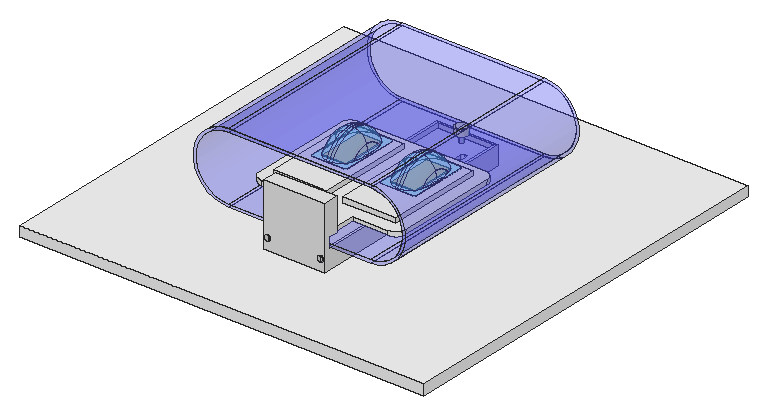
Revit family "BE_50106.2_de_DE", category Leuchten, Revit 2020
Family settings
  Basisbauteil = Fläche
  Bemaßung runder Anschluss = Durchmesser verwenden
  Teiletyp = Normal
  Beim Laden mit Abzugskörper schneiden = Ja
  Lichtquelle = Ja
  Gemeinsam genutzt = Nein
  Raumberechnungspunkt = Ja
Parameters (values of type "BEGA_50106.2_K3")
  built-in parameter 1150104 = 8.7329 (stored number, unit not read)
  Wattage = 20 W
  Default Elevation = 0 mm
  built-in parameter 1150113 = 1 (stored number, unit not read)
  built-in parameter 1114218 = 1 (stored number, unit not read)
  Umgebungstemperatur = "25 °C"
  URL = "https://www.bega.com/de/produkt/50106.2"
  Typenkommentare = "© 2022 BEGA. Wir behalten uns das Recht vor, technische Änderungen ohne vorherige Ankündigung vorzunehmen."  # constant formula
  built-in parameter 1150134 = (empty or 0)
  built-in parameter 1150109 = 1 (stored number, unit not read)
  Strom = ""
  Streuscheibe_streuend [instance] = no
  Streuscheibe_bandförmig [instance] = no
  built-in parameter 1150110 = 1 (stored number, unit not read)
  Spannung = 230 V
  Sonderanfertigung = no
  Sockeltyp = ""
  Sockelanzahl = ""
  Seriennummer [instance] = "Hier können Sie die eindeutige Seriennummer für das Facility Management eintragen."
  Schutzklasse = "I"
  Schutzart = "IP 20"
  Scheinlast = 0 VA
  Produktdatenblatt = "https://cdn.bega.com/bega/products/50106.2K3/current/documents/data-sheets/de"
  Oberflächentemperatur = ""
  Netzteil_dimmbar_1_bis_10V = no
  Netzteil_DALI_steuerbar = no
  Neigungswinkel = 0.00°
  Modell = "50106.2K3"
  Material_34 = BEGA_Oberfläche_Weiss_matt
  Material_22 = BEGA_Oberfläche_Aluminium_matt
  Material_15 = BEGA_Leuchtmedium_matt
  Material_12 = BEGA_Kunststoff_klar
  Material_11 = BEGA_Glas_opal
  Material_06 = BEGA_Oberfläche_Edelstahl_gebürstet
  Material_05 = BEGA_Oberfläche_Aluminium Guss
  Material_04 = BEGA_Kunststoff_Grafit_matt
  M_W = no
  M_G = no
  M_A = no
  Logo = 0
  built-in parameter 1114217 = 1 (stored number, unit not read)
  built-in parameter 1150139 = (empty or 0)
  built-in parameter 1150105 = 149.61 (stored number, unit not read)
  built-in parameter 1150114 = 1 (stored number, unit not read)
  Lumens = 1880 lm
  built-in parameter 1150115 = 1 (stored number, unit not read)
  Leuchtenlichtstrom = "1618 lm"
  Leuchtenanzahl = ""
  Lebensdauerkriterien = "L70B50 @ 25 °C = 79000 h"
  Lastklassifizierung = Beleuchtung
  built-in parameter 1150112 = 1 (stored number, unit not read)
  Lampenlichtstrom = "1880 lm"
  Lampe = "LED 20 W"
  LED_Modulbezeichnung = "2x LED-1249/930"
  Hersteller = "BEGA"  # constant formula
  Halbstreuwinkel = ""
  Gewicht = "1.2 kg"
  Gebrauchslageneinschränkung [instance] = ""
  Frequenz = "50/60 Hz"
  Farbwiedergabeindex = "CRI > 90"
  Farbtemperaturverschiebung bei Dämpfen der Lampe = <Keine Auswahl>
  Farbtemperatur = "3000 K"
  Color Filter = 16777215
  built-in parameter 1150133 = 10 (stored number, unit not read)
  Energieeffizienzklasse = "LED A++ - A"
  Einstecktiefe = ""
  built-in parameter 1150137 = (empty or 0)
  built-in parameter 1150132 = (empty or 0)
  Einbauöffnung = ""
  Einbautiefe = ""
  Einbaugehäuse = no
  Einbau_in_Wärmedämmung = ""
  ENEC = "ja"
  Dimmbar [instance] = "Phasenan- oder -abschnittdimmer"
  Datei für fotometrisches Netz = "BE_50106K3.IES"
  CE_Konformität = "ja"
  Bestellnummer_Streuscheibe_streuend [instance] = ""
  Bestellnummer_Streuscheibe_bandförmig [instance] = ""
  Bestellnummer_Netzteil_dimmbar_1_bis_10V = ""
  Bestellnummer_Netzteil_DALI_steuerbar = ""
  Bestellnummer_Einbaugehäuse = ""
  Bestellnummer = "50106.2K3"
  Beschreibung_Sonderanfertigung = "Hier können Sie Informationen zur Sonderanfertigung eintragen."
  Beschreibung = "Wandleuchte"
  built-in parameter 1150106 = 1.4961 (stored number, unit not read)
  BEGA_Intern_aus = yes
  BEGA_Intern_an = yes
  BEGA_Intern_Konstruktion = yes
  BEGA_Intern = yes
  BEGA_IES = yes
  BEGA_Dummy = no
  Anschlussleistung [instance] = "20 W"
  Anschlusskasten = ""
  built-in parameter 1150107 = 3000 (stored number, unit not read)
  built-in parameter 1150102 = (empty or 0)
  built-in parameter 1150138 = (empty or 0)
  Aktualisierung = "2022-11-01T04:00:04"
  AC/DC = "AC"
Reference planes
  plane 1 "Mitte (Vorne/Hinten)": y = 0
  plane 2: z = 0
  plane 3 "Mitte (Links/Rechts)": x = 0
  plane 4 "Links": x = -105
  plane 5 "Rechts": x = 105
  plane 6 "Unten": y = -111
  plane 7 "Oben": y = 111
  plane 8 "Vorne": z = 89
  plane 9 "Hinten": z = 0
Forms (mm)
  Extrusion 1, solid, material "BEGA_Platte_Weiss"
    sketch origin (0, -1119.2, 0) x (1, 0, 0) y (0, 1, 0)
      loop
        line (-200, 1319.2) -> (-200, 919.2) -> (200, 919.2) -> (200, 1319.2) -> (-200, 1319.2)
    from 0 to -10
  Extrusion 2, solid, material "BEGA_Dummy_matt", visible <- "BEGA_Dummy"
    sketch origin (80.095, -76.023, 0) x (1, 0, 0) y (0, 1, 0)
      loop
        line (-185.095, 187.023) -> (-185.095, -34.977) -> (24.905, -34.977) -> (24.905, 187.023) -> (-185.095, 187.023)
    from 0 to 89
Dimensions and locks
  plane 1 "Mitte (Vorne/Hinten)" to Extrusion 1 = 200 mm
  aligned and locked: Extrusion 1 to plane 2
  aligned and locked: Extrusion 1 to level
Nested families
  nested 1: "BE_50106.2" at (0, 0, 0), type "BE_50106.2"
Connectors
  electrical at (0, 0, 0), driven by "Lastklassifizierung", driven by "Spannung", driven by "Scheinlast"
    settings: index 1, voltage 230 V, apparent load 0 VA, apparent load phase1 0 VA, apparent load phase2 0 VA, apparent load phase3 0 VA, power factor 1, load classification "Beleuchtung", number of poles 1, system type 31, power factor state 1, is connector primary yes, connector utility no, sub classification motor no, connector description ""
Definition of nested family "BE_50106.2"
  Parameters (values of type "BE_50106.2")
    Default Elevation = 1 mm
    URL = "http://www.bega.de/de/produkt"
    Type Comments = "© 2015 BEGA. Wir behalten uns das Recht vor, technische Änderungen ohne vorherige Ankündigung vorzunehmen. "  # constant formula
    Type Image = (empty or 0)
    Neigungswinkel_um_Z2 = 0.00°
    Neigungswinkel_um_Z1 = 0.00°
    Neigungswinkel_um_Y2 = 0.00°
    Neigungswinkel_um_Y1 = 0.00°
    Neigungswinkel_um_X2 = 0.00°
    Neigungswinkel_um_X1 = 0.00°
    Material_34 = none
    Material_22 = none
    Material_17 = none
    Material_15 = none
    Material_12 = none
    Material_11 = none
    Material_09 = none
    Material_06 = none
    Material_05 = none
    Material_04 = none
    Material_03 = none
    Material_02 = none
    Material_01 = none
    M_W = yes
    M_G = yes
    M_A = yes
    Länge_Platte = 300 mm  # constant formula
    Höhe_Platte = -10 mm  # constant formula
    Manufacturer = "BEGA"  # constant formula
    Drehwinkel_um_Z2 = 0.00°
    Drehwinkel_um_Z1 = 0.00°
    Breite_Platte = 300 mm  # constant formula
  Reference planes
    plane 1 "Mitte (Oben/Unten)": y = 0
    plane 2: z = 0
    plane 3 "Mitte (Links/Rechts)": x = 0
    plane 4: z = 89
    plane 5: x = -105
    plane 6: x = 105
    plane 7: y = -111
    plane 8: y = 111
  Forms (mm)
    Extrusion 1, solid, detail levels medium
      sketch origin (0, 0, 0) x (1, 0, 0) y (0, 1, 0)
        loop
          line (-150, 150) -> (-150, -150) -> (150, -150) -> (150, 150) -> (-150, 150)
      from 0 to -10 <- "Höhe_Platte"
    Sweep 2, solid, material <- "Material_22", detail levels medium+fine
      path origin (0, 0, 0) x (1, 0, 0) y (0, 1, 0)
        loop
          line (-30, 103.5) -> (-30, -111) -> (30, -111) -> (30, 103.5) -> (-30, 103.5)
      profile origin (0, 103.5, 0) x (0, 1, 0) y (0, 0, 1)
        loop
          line (0, 19) -> (-2, 19) -> (-2, 14.5) -> (-22.97, 14.5) -> (-22.97, 11.5) -> (-2, 11.5) -> (-2, 0) -> (0, 0) -> (0, 19)
    Extrusion 3, solid, material <- "Material_12", detail levels medium+fine
      sketch origin (0, 0, 0) x (1, 0, 0) y (0, 1, 0)
        loop
          arc (18.735, 33.214) -> (17.151, 32.654) -> (16.286, 31.226) r 2.489
          line (16.286, 31.226) -> (16.286, -23.776)
          arc (16.286, -23.776) -> (16.846, -25.348) -> (18.274, -26.214) r 2.489
          line (18.274, -26.214) -> (49.726, -26.214)
          arc (49.726, -26.214) -> (51.154, -25.348) -> (51.714, -23.776) r 2.489
          line (51.714, -23.776) -> (51.714, 31.225)
          arc (51.714, 31.225) -> (50.849, 32.654) -> (49.265, 33.214) r 2.489
          line (49.265, 33.214) -> (18.735, 33.214)
      from 36.512 to 37.593
    Revolve 4, solid, material <- "Material_12", detail levels medium+fine
      sketch origin (0, 3.399, 0) x (1, 0, 0) y (0, 0, 1)
        loop
          arc (31.207, 56.361) -> (23.841, 52.926) -> (19.225, 46.236) r 15.5
          arc (19.225, 46.236) -> (18.121, 41.977) -> (17.749, 37.593) r 26.067
          line (17.749, 37.593) -> (50.249, 37.593)
          arc (50.249, 37.593) -> (49.877, 41.977) -> (48.773, 46.236) r 26.067
          arc (48.773, 46.236) -> (44.158, 52.926) -> (36.791, 56.361) r 15.5
          arc (36.791, 56.361) -> (35.4, 56.54) -> (33.999, 56.6) r 16.458
          arc (33.999, 56.6) -> (32.598, 56.54) -> (31.207, 56.361) r 16.458
        axis (17.749, 26.1) -> (50.249, 26.1)
      angle from 0 to 360
    Extrusion 5, void
      sketch origin (0, 0, 0) x (0, 1, 0) y (0, 0, 1)
        loop
          line (37.875, 37.593) -> (-28.971, 37.593) -> (-28.971, -7.511) -> (37.875, -7.511) -> (37.875, 37.593)
      from 16.286 to 51.714
    Extrusion 6, solid, material <- "Material_15", detail levels medium+fine
      sketch origin (0, 0, 0) x (1, 0, 0) y (0, 1, 0)
        loop
          line (22.5, 25.585) -> (22.5, -18.787) -> (45.5, -18.787) -> (45.5, 25.585) -> (22.5, 25.585)
        loop
          line (-22.5, 25.585) -> (-45.5, 25.585) -> (-45.5, -18.787) -> (-22.5, -18.787) -> (-22.5, 25.585)
      from 35.343 to 37.349
    Extrusion 7, solid, material <- "Material_22", detail levels medium+fine
      sketch origin (0, 0, 0) x (0, 1, 0) y (0, 0, 1)
        loop
          line (-111, 61) -> (-111, 14.5) -> (-105.5, 14.5) -> (-105.5, 29) -> (-96, 29) -> (-96, 61) -> (-111, 61)
      from -30 to 30
    Extrusion 8, solid, material <- "Material_22", detail levels medium+fine
      sketch origin (0, 0, 0) x (1, 0, 0) y (0, 1, 0)
        loop
          line (-7.03, -91.405) -> (7.03, -91.405) -> (7.03, 80.53) -> (-7.03, 80.53) -> (-7.03, -91.405)
      from 11.5 to 14.5
    Extrusion 9, solid, material <- "Material_34", detail levels medium+fine
      sketch origin (0, 0, 0) x (0, 1, 0) y (0, 0, 1)
        loop
          line (-96, 58) -> (-96, 32)
          arc (-96, 32) -> (-94.828, 29.172) -> (-92, 28) r 4
          line (-92, 28) -> (47, 28) -> (47, 32) -> (-91, 32)
          arc (-91, 32) -> (-91.707, 32.293) -> (-92, 33) r 1
          line (-92, 33) -> (-92, 58) -> (-96, 58)
      from -27.5 to 27.5
    Extrusion 10, solid, material <- "Material_11", detail levels medium+fine
      sketch origin (0, 0, 0) x (1, 0, 0) y (0, 0, 1)
        loop
          line (70, 89) -> (-70, 89)
          arc (-70, 89) -> (-105, 54) -> (-70, 19) r 35
          line (-70, 19) -> (70, 19)
          arc (70, 19) -> (105, 54) -> (70, 89) r 35
        loop
          line (-70, 22) -> (70, 22)
          arc (70, 22) -> (102, 54) -> (70, 86) r 32
          line (70, 86) -> (-70, 86)
          arc (-70, 86) -> (-102, 54) -> (-70, 22) r 32
      from -111 to 104
    Extrusion 11, solid, material <- "Material_04", detail levels medium+fine
      sketch origin (0, 0, 0) x (0, 1, 0) y (0, 0, 1)
        loop
          line (-103.9, 14.5) -> (-103.9, 28.5) -> (-105.5, 28.5) -> (-105.5, 14.5) -> (-103.9, 14.5)
      from -27.5 to 27.5
    Extrusion 12, solid, material <- "Material_34", detail levels medium+fine
      sketch origin (0, 0, 0) x (0, 1, 0) y (0, 0, 1)
        loop
          line (34.639, 32.3) -> (34.639, 37.103) -> (-60.539, 37.103) -> (-60.539, 32.3) -> (34.639, 32.3)
      from 7.859 to 60.051
    Extrusion 13, void
      sketch origin (0, 0, 0) x (1, 0, 0) y (0, 1, 0)
        loop
          line (18.951, 72) -> (18.951, 78)
          arc (18.951, 78) -> (15.951, 81) -> (12.951, 78) r 3
          line (12.951, 78) -> (12.951, 72)
          arc (12.951, 72) -> (15.951, 69) -> (18.951, 72) r 3
        loop
          arc (-13.049, -13) -> (-10.049, -10) -> (-13.049, -7) r 3
          line (-13.049, -7) -> (-19.049, -7)
          arc (-19.049, -7) -> (-22.049, -10) -> (-19.049, -13) r 3
          line (-19.049, -13) -> (-13.049, -13)
        loop
          line (-19.049, -88) -> (-13.049, -88)
          arc (-13.049, -88) -> (-10.049, -85) -> (-13.049, -82) r 3
          line (-13.049, -82) -> (-19.049, -82)
          arc (-19.049, -82) -> (-22.049, -85) -> (-19.049, -88) r 3
      from 10.127 to 15.906
    Revolve 14, solid, material <- "Material_06", detail levels fine
      sketch origin (0, 0, 11) x (-1, 0, 0) y (0, -1, 0)
        loop
          line (-25.45, -104.499) -> (-25.45, -103.269) -> (-26.25, -103.269) -> (-26.25, -104.499) -> (-25.45, -104.499)
        axis (-26.25, -104.499) -> (-26.25, -103.269)
      angle from 0 to 360
    Revolve 15, solid, material <- "Material_06", detail levels fine
      sketch origin (-26.25, 0, 0) x (0, 1, 0) y (0, 0, 1)
        loop
          line (-111.013, 11) -> (-110.169, 11) -> (-110.169, 13.8) -> (-111.013, 13.8) -> (-111.013, 11)
        axis (-110.169, 11) -> (-111.169, 11)
      angle from 0 to 360
    Revolve 16, solid, material <- "Material_06", detail levels fine
      sketch origin (0, 0, 0) x (0, 1, 0) y (0, 0, 1)
        loop
          line (90.5, 28.5) -> (90.007, 27.892) -> (90.007, 22) -> (94, 22) -> (94, 13.5) -> (96, 13.5) -> (96, 28.5) -> (90.5, 28.5)
        axis (96, 13.5) -> (96, 28.5)
      angle from 0 to 360
    Revolve 17, solid, material <- "Material_06", detail levels fine
      sketch origin (0, 0, 0) x (0, 1, 0) y (0, 0, 1)
        loop
          line (-88.5, 51.915) -> (-92, 51.915) -> (-92, 50) -> (-95, 50) -> (-95, 49.013) -> (-88.5, 49.013) -> (-88.5, 51.915)
        axis (-88.5, 45) -> (-95, 45)
      angle from 0 to 360
    Revolve 18, solid, material <- "Material_06", detail levels fine
      sketch origin (26.25, 0, 0) x (0, 1, 0) y (0, 0, -1)
        loop
          line (-111.013, -11) -> (-111.013, -13.8) -> (-110.169, -13.8) -> (-110.169, -11) -> (-111.013, -11)
        axis (-110.169, -11) -> (-111.169, -11)
      angle from 0 to 360
    Revolve 19, solid, material <- "Material_06", detail levels fine
      sketch origin (0, 0, 11) x (1, 0, 0) y (0, 1, 0)
        loop
          line (-25.45, 104.499) -> (-26.25, 104.499) -> (-26.25, 103.269) -> (-25.45, 103.269) -> (-25.45, 104.499)
        axis (-26.25, 104.499) -> (-26.25, 103.269)
      angle from 0 to 360
    Extrusion 20, solid, material <- "Material_34", detail levels medium+fine
      sketch origin (0, 0, 0) x (1, 0, 0) y (0, 1, 0)
        loop
          arc (-62.5, 47) -> (-69.571, 44.071) -> (-72.5, 37) r 10
          line (-72.5, 37) -> (-72.5, -63)
          arc (-72.5, -63) -> (-69.571, -70.071) -> (-62.5, -73) r 10
          line (-62.5, -73) -> (62.5, -73)
          arc (62.5, -73) -> (69.571, -70.071) -> (72.5, -63) r 10
          line (72.5, -63) -> (72.5, 37)
          arc (72.5, 37) -> (69.571, 44.071) -> (62.5, 47) r 10
          line (62.5, 47) -> (-62.5, 47)
      from 28 to 32
    Extrusion 21, solid, material <- "Material_34", detail levels medium+fine
      sketch origin (0, 0, 0) x (0, 1, 0) y (0, 0, -1)
        loop
          line (34.639, -32.3) -> (-60.539, -32.3) -> (-60.539, -37.103) -> (34.639, -37.103) -> (34.639, -32.3)
      from 7.859 to 60.051
    Extrusion 22, solid, material <- "Material_12", detail levels medium+fine
      sketch origin (0, 0, 0) x (-1, 0, 0) y (0, -1, 0)
        loop
          line (18.735, -33.214) -> (49.265, -33.214)
          arc (49.265, -33.214) -> (50.849, -32.654) -> (51.714, -31.225) r 2.489
          line (51.714, -31.225) -> (51.714, 23.776)
          arc (51.714, 23.776) -> (51.154, 25.348) -> (49.726, 26.214) r 2.489
          line (49.726, 26.214) -> (18.274, 26.214)
          arc (18.274, 26.214) -> (16.846, 25.348) -> (16.286, 23.776) r 2.489
          line (16.286, 23.776) -> (16.286, -31.226)
          arc (16.286, -31.226) -> (17.151, -32.654) -> (18.735, -33.214) r 2.489
      from 36.512 to 37.593
    Revolve 23, solid, material <- "Material_12", detail levels medium+fine
      sketch origin (0, 3.399, 0) x (-1, 0, 0) y (0, 0, -1)
        loop
          arc (31.207, -56.361) -> (32.598, -56.54) -> (33.999, -56.6) r 16.458
          arc (33.999, -56.6) -> (35.4, -56.54) -> (36.791, -56.361) r 16.458
          arc (36.791, -56.361) -> (44.158, -52.926) -> (48.773, -46.236) r 15.5
          arc (48.773, -46.236) -> (49.877, -41.977) -> (50.249, -37.593) r 26.067
          line (50.249, -37.593) -> (17.749, -37.593)
          arc (17.749, -37.593) -> (18.121, -41.977) -> (19.225, -46.236) r 26.067
          arc (19.225, -46.236) -> (23.841, -52.926) -> (31.207, -56.361) r 15.5
        axis (17.749, -26.1) -> (50.249, -26.1)
      angle from 0 to 360
    Extrusion 24, void
      sketch origin (0, 0, 0) x (0, 1, 0) y (0, 0, -1)
        loop
          line (37.875, -37.593) -> (37.875, 7.511) -> (-28.971, 7.511) -> (-28.971, -37.593) -> (37.875, -37.593)
      from 16.286 to 51.714
  Cuts and joins
    Extrusion 13 cuts Sweep 2
    Extrusion 13, Extrusion 24 cuts Extrusion 7
    Extrusion 13, Extrusion 24 cuts Extrusion 8
    joined: Sweep 2, Extrusion 7, Extrusion 8
    Extrusion 13 cuts Extrusion 9
    Extrusion 13 cuts Extrusion 12
    joined: Extrusion 9, Extrusion 12, Extrusion 20, Extrusion 21
    Extrusion 13, Extrusion 24 cuts Extrusion 10
    Extrusion 5 cuts Revolve 4
    Extrusion 24 cuts Revolve 23
    joined: Extrusion 3, Revolve 4, Extrusion 22, Revolve 23
  Dimensions and locks
    equal spacing: Extrusion 1 sketch curve, plane 3 "Mitte (Links/Rechts)", Extrusion 1 sketch curve
    equal spacing: Extrusion 1 sketch curve, plane 1 "Mitte (Oben/Unten)", Extrusion 1 sketch curve
    "Länge_Platte": Extrusion 1 sketch curve to Extrusion 1 sketch curve
    "Breite_Platte": Extrusion 1 sketch curve to Extrusion 1 sketch curve
    aligned and locked: Extrusion 1 to plane 2
    aligned and locked: level to Extrusion 1
  Automatic sketch dimensions
    Sweep 2 sketch curve to plane 3 "Mitte (Links/Rechts)" = 30 mm
    plane 3 "Mitte (Links/Rechts)" to Sweep 2 sketch curve = 30 mm
    Sweep 2 sketch curve to level = 0 mm
    Sweep 2 sketch curve to profile plane = 0 mm
    profile plane to Sweep 2 sketch curve = 2 mm  (x2)
    Sweep 2 sketch curve to Sweep 2 sketch curve = 20.97 mm
    level to Sweep 2 sketch curve = 11.5 mm
    Sweep 2 sketch curve to Sweep 2 sketch curve = 3 mm
    Sweep 2 sketch curve to Sweep 2 sketch curve = 4.5 mm
    plane 3 "Mitte (Links/Rechts)" to Extrusion 3 sketch curve = 16.286 mm
    Extrusion 3 sketch curve to Extrusion 3 sketch curve = 1.987 mm
    Extrusion 3 sketch curve to Extrusion 3 sketch curve = 2.438 mm  (x4)
    Extrusion 3 sketch curve to Extrusion 3 sketch curve = 0.502 mm  (x2)
    plane 1 "Mitte (Oben/Unten)" to Extrusion 3 sketch curve = 26.214 mm
    Extrusion 3 sketch curve to plane 1 "Mitte (Oben/Unten)" = 30.725 mm
    Extrusion 3 sketch curve to Extrusion 3 sketch curve = 0 mm  (x5)
    Extrusion 3 sketch curve to Extrusion 3 sketch curve = 0.501 mm  (x2)
    Extrusion 3 sketch curve to Extrusion 3 sketch curve = 0.01 mm  (x2)
    Extrusion 3 sketch curve to Extrusion 3 sketch curve = 0.011 mm
    plane 3 "Mitte (Links/Rechts)" to Revolve 4 sketch curve = 17.749 mm
    Revolve 4 sketch curve to Revolve 4 sketch curve = 6.434 mm  (x2)
    Revolve 4 sketch curve to Revolve 4 sketch curve = 9.663 mm
    Revolve 4 sketch curve to Revolve 4 sketch curve = 0.153 mm
    Revolve 4 sketch curve to Revolve 4 sketch curve = 0.002 mm
    Revolve 4 sketch curve to Revolve 4 sketch curve = 0.307 mm
    Revolve 4 sketch curve to Revolve 4 sketch curve = 9.816 mm
    level to Revolve 4 sketch curve = 37.588 mm
    Revolve 4 sketch curve to Revolve 4 sketch curve = 0 mm  (x6)
    Revolve 4 sketch curve to Revolve 4 sketch curve = 0.004 mm
    Revolve 4 sketch curve to Revolve 4 sketch curve = 2.554 mm
    Revolve 4 sketch curve to Revolve 4 sketch curve = 0.945 mm
    plane 3 "Mitte (Links/Rechts)" to Revolve 4 sketch curve = 8.5 mm
    Revolve 4 sketch curve to plane 3 "Mitte (Links/Rechts)" = 11.5 mm
    Revolve 4 sketch curve to Revolve 4 sketch curve = 1.476 mm  (x2)
    Revolve 4 sketch curve to Revolve 4 sketch curve = 2.638 mm
    Revolve 4 sketch curve to Revolve 4 sketch curve = 2.792 mm  (x2)
    Revolve 4 sketch curve to Revolve 4 sketch curve = 11.493 mm
    plane 1 "Mitte (Oben/Unten)" to Extrusion 5 sketch curve = 28.971 mm
    Extrusion 5 sketch curve to level = 7.511 mm
    Extrusion 5 sketch curve to plane 1 "Mitte (Oben/Unten)" = 37.875 mm
    level to Extrusion 5 sketch curve = 37.593 mm
    Extrusion 7 sketch curve to Extrusion 7 sketch curve = 5.5 mm
    Extrusion 7 sketch curve to Extrusion 7 sketch curve = 9.5 mm
    level to Extrusion 7 sketch curve = 14.5 mm
    Extrusion 7 sketch curve to Extrusion 7 sketch curve = 14.5 mm
    plane 4 to Extrusion 7 sketch curve = 28 mm
    Extrusion 8 sketch curve to plane 3 "Mitte (Links/Rechts)" = 7.03 mm
    plane 3 "Mitte (Links/Rechts)" to Extrusion 8 sketch curve = 7.03 mm
    Extrusion 9 sketch curve to Extrusion 9 sketch curve = 4 mm
    Extrusion 9 sketch curve to Extrusion 9 sketch curve = 0 mm  (x2)
    Extrusion 9 sketch curve to Extrusion 9 sketch curve = 1 mm
    level to Extrusion 9 sketch curve = 28 mm
    Extrusion 9 sketch curve to Extrusion 9 sketch curve = 25 mm
    Extrusion 10 sketch curve to Extrusion 10 sketch curve = 0 mm  (x4)
    Extrusion 10 sketch curve to plane 4 = 0 mm
    plane 4 to Extrusion 10 sketch curve = 3 mm
    Extrusion 10 sketch curve to Extrusion 10 sketch curve = 32 mm
    Extrusion 11 sketch curve to Extrusion 11 sketch curve = 1.6 mm
    level to Extrusion 11 sketch curve = 14.5 mm
    Extrusion 11 sketch curve to Extrusion 11 sketch curve = 14 mm
    Extrusion 12 sketch curve to plane 1 "Mitte (Oben/Unten)" = 34.639 mm
    level to Extrusion 12 sketch curve = 32.3 mm
    Extrusion 12 sketch curve to Extrusion 12 sketch curve = 4.803 mm
    Extrusion 13 sketch curve to plane 3 "Mitte (Links/Rechts)" = 19.049 mm  (x2)
    Extrusion 13 sketch curve to Extrusion 13 sketch curve = 6 mm  (x3)
    plane 3 "Mitte (Links/Rechts)" to Extrusion 13 sketch curve = 12.951 mm
    Extrusion 13 sketch curve to Extrusion 13 sketch curve = 3 mm  (x3)
    plane 1 "Mitte (Oben/Unten)" to Extrusion 13 sketch curve = 13 mm
    plane 3 "Mitte (Links/Rechts)" to Revolve 14 sketch curve = 26.25 mm  (x2)
    Revolve 14 sketch curve to Revolve 14 sketch curve = 0.8 mm
    Revolve 14 sketch curve to Revolve 14 sketch curve = 1.23 mm
    level to Revolve 15 sketch curve = 11 mm  (x2)
    Revolve 15 sketch curve to Revolve 15 sketch curve = 0.844 mm
    Revolve 15 sketch curve to Revolve 15 sketch curve = 2.8 mm
    Revolve 16 sketch curve to Revolve 16 sketch curve = 0.493 mm
    Revolve 16 sketch curve to Revolve 16 sketch curve = 3.993 mm
    Revolve 16 sketch curve to Revolve 16 sketch curve = 2 mm
    level to Revolve 16 sketch curve = 13.5 mm
    Revolve 16 sketch curve to Revolve 16 sketch curve = 8.5 mm
    Revolve 16 sketch curve to Revolve 16 sketch curve = 6.5 mm
    Revolve 16 sketch curve to Revolve 16 sketch curve = 0 mm
    Revolve 16 sketch curve to Revolve 16 sketch curve = 0.567 mm
    Revolve 16 sketch curve to Revolve 16 sketch curve = 0.608 mm
    Revolve 16 sketch curve to Revolve 16 sketch curve = 4.983 mm
    Revolve 17 sketch curve to Revolve 17 sketch curve = 3 mm
    Revolve 17 sketch curve to Revolve 17 sketch curve = 3.5 mm
    plane 4 to Revolve 17 sketch curve = 39.987 mm
    Revolve 17 sketch curve to Revolve 17 sketch curve = 0.987 mm
    Revolve 17 sketch curve to Revolve 17 sketch curve = 2.902 mm
    Revolve 17 sketch curve to Revolve 17 sketch curve = 0 mm  (x2)
    Revolve 17 sketch curve to Revolve 17 sketch curve = 4.013 mm
    level to Revolve 18 sketch curve = 11 mm  (x2)
    Revolve 18 sketch curve to Revolve 18 sketch curve = 0.844 mm
    Revolve 18 sketch curve to Revolve 18 sketch curve = 2.8 mm
    Revolve 19 sketch curve to plane 3 "Mitte (Links/Rechts)" = 26.25 mm  (x2)
    Revolve 19 sketch curve to Revolve 19 sketch curve = 0.8 mm
    Revolve 19 sketch curve to Revolve 19 sketch curve = 1.23 mm
    Extrusion 20 sketch curve to plane 1 "Mitte (Oben/Unten)" = 37 mm  (x2)
    Extrusion 21 sketch curve to plane 1 "Mitte (Oben/Unten)" = 34.639 mm
    level to Extrusion 21 sketch curve = 37.103 mm
    Extrusion 21 sketch curve to Extrusion 21 sketch curve = 4.803 mm
    plane 3 "Mitte (Links/Rechts)" to Extrusion 22 sketch curve = 16.286 mm
    Extrusion 22 sketch curve to Extrusion 22 sketch curve = 1.987 mm
    Extrusion 22 sketch curve to Extrusion 22 sketch curve = 2.438 mm  (x4)
    Extrusion 22 sketch curve to Extrusion 22 sketch curve = 0.502 mm  (x2)
    Extrusion 22 sketch curve to plane 1 "Mitte (Oben/Unten)" = 26.214 mm
    plane 1 "Mitte (Oben/Unten)" to Extrusion 22 sketch curve = 30.725 mm
    Extrusion 22 sketch curve to Extrusion 22 sketch curve = 0 mm  (x5)
    Extrusion 22 sketch curve to Extrusion 22 sketch curve = 0.501 mm  (x2)
    Extrusion 22 sketch curve to Extrusion 22 sketch curve = 0.01 mm  (x2)
    Extrusion 22 sketch curve to Extrusion 22 sketch curve = 0.011 mm
    Revolve 23 sketch curve to plane 3 "Mitte (Links/Rechts)" = 17.749 mm
    Revolve 23 sketch curve to Revolve 23 sketch curve = 6.434 mm  (x2)
    Revolve 23 sketch curve to Revolve 23 sketch curve = 9.663 mm
    Revolve 23 sketch curve to Revolve 23 sketch curve = 0.153 mm
    Revolve 23 sketch curve to Revolve 23 sketch curve = 0.002 mm
    Revolve 23 sketch curve to Revolve 23 sketch curve = 0.307 mm
    Revolve 23 sketch curve to Revolve 23 sketch curve = 9.816 mm
    level to Revolve 23 sketch curve = 41.087 mm
    Revolve 23 sketch curve to Revolve 23 sketch curve = 0 mm  (x5)
    Revolve 23 sketch curve to Revolve 23 sketch curve = 0.945 mm
    Revolve 23 sketch curve to Revolve 23 sketch curve = 2.549 mm
    Revolve 23 sketch curve to Revolve 23 sketch curve = 0.004 mm  (x2)
    Revolve 23 sketch curve to plane 3 "Mitte (Links/Rechts)" = 8.5 mm
    plane 3 "Mitte (Links/Rechts)" to Revolve 23 sketch curve = 11.5 mm
    Revolve 23 sketch curve to Revolve 23 sketch curve = 1.476 mm  (x2)
    Revolve 23 sketch curve to Revolve 23 sketch curve = 2.638 mm
    Revolve 23 sketch curve to Revolve 23 sketch curve = 2.792 mm  (x2)
    Revolve 23 sketch curve to Revolve 23 sketch curve = 11.493 mm
    plane 1 "Mitte (Oben/Unten)" to Extrusion 24 sketch curve = 28.971 mm
    Extrusion 24 sketch curve to level = 7.511 mm
    Extrusion 24 sketch curve to plane 1 "Mitte (Oben/Unten)" = 37.875 mm
    level to Extrusion 24 sketch curve = 37.593 mm
    Extrusion 6 sketch curve to plane 3 "Mitte (Links/Rechts)" = 22.5 mm
    plane 3 "Mitte (Links/Rechts)" to Extrusion 6 sketch curve = 22.5 mm
    Extrusion 6 sketch curve to Extrusion 6 sketch curve = 23 mm  (x2)
    plane 1 "Mitte (Oben/Unten)" to Extrusion 6 sketch curve = 18.787 mm  (x2)
    Extrusion 6 sketch curve to plane 1 "Mitte (Oben/Unten)" = 25.585 mm  (x2)
    Extrusion 10 sketch curve to plane 3 "Mitte (Links/Rechts)" = 70 mm
    Extrusion 20 sketch curve to plane 3 "Mitte (Links/Rechts)" = 62.5 mm  (x2)
    Extrusion 20 sketch curve to Extrusion 20 sketch curve = 10 mm
    Extrusion 22 sketch curve to Extrusion 22 sketch curve = 30.449 mm
    Extrusion 22 sketch curve to Extrusion 22 sketch curve = 30.551 mm
    Extrusion 3 sketch curve to Extrusion 3 sketch curve = 30.449 mm
    Extrusion 3 sketch curve to Extrusion 3 sketch curve = 30.551 mm
    plane 3 "Mitte (Links/Rechts)" to Extrusion 10 sketch curve = 70 mm
    plane 3 "Mitte (Links/Rechts)" to Extrusion 20 sketch curve = 62.5 mm
    plane 1 "Mitte (Oben/Unten)" to Sweep 2 sketch curve = 111 mm
    plane 1 "Mitte (Oben/Unten)" to Extrusion 7 sketch curve = 111 mm
    plane 1 "Mitte (Oben/Unten)" to Extrusion 8 sketch curve = 91.405 mm
    plane 1 "Mitte (Oben/Unten)" to Extrusion 9 sketch curve = 91 mm
    plane 1 "Mitte (Oben/Unten)" to Extrusion 11 sketch curve = 105.5 mm
    plane 1 "Mitte (Oben/Unten)" to Extrusion 12 sketch curve = 60.539 mm
    Extrusion 13 sketch curve to Extrusion 13 sketch curve = 69 mm
    plane 1 "Mitte (Oben/Unten)" to Revolve 15 sketch curve = 111.013 mm
    Revolve 15 sketch curve to Revolve 15 sketch curve = 31.665 mm
    Revolve 15 sketch curve to Revolve 15 sketch curve = 0.8 mm
    plane 1 "Mitte (Oben/Unten)" to Revolve 17 sketch curve = 95 mm
    plane 1 "Mitte (Oben/Unten)" to Revolve 18 sketch curve = 111.013 mm
    Revolve 18 sketch curve to Revolve 18 sketch curve = 31.665 mm
    Revolve 18 sketch curve to Revolve 18 sketch curve = 0.8 mm
    Extrusion 20 sketch curve to plane 6 = 42.5 mm
    plane 1 "Mitte (Oben/Unten)" to Extrusion 20 sketch curve = 63 mm
    plane 1 "Mitte (Oben/Unten)" to Extrusion 21 sketch curve = 60.539 mm
    Sweep 2 sketch curve to plane 1 "Mitte (Oben/Unten)" = 103.5 mm
    Extrusion 8 sketch curve to plane 1 "Mitte (Oben/Unten)" = 80.53 mm
    Extrusion 9 sketch curve to plane 1 "Mitte (Oben/Unten)" = 47 mm
    Extrusion 13 sketch curve to plane 1 "Mitte (Oben/Unten)" = 72 mm
    Revolve 14 sketch curve to plane 1 "Mitte (Oben/Unten)" = 104.499 mm
    Revolve 14 sketch curve to Revolve 14 sketch curve = 26.269 mm
    Revolve 14 sketch curve to Revolve 14 sketch curve = 1.511 mm
    Revolve 16 sketch curve to plane 1 "Mitte (Oben/Unten)" = 90.007 mm
    Revolve 19 sketch curve to plane 1 "Mitte (Oben/Unten)" = 103.269 mm
    Revolve 19 sketch curve to Revolve 19 sketch curve = 26.269 mm
    Revolve 19 sketch curve to Revolve 19 sketch curve = 1.511 mm
